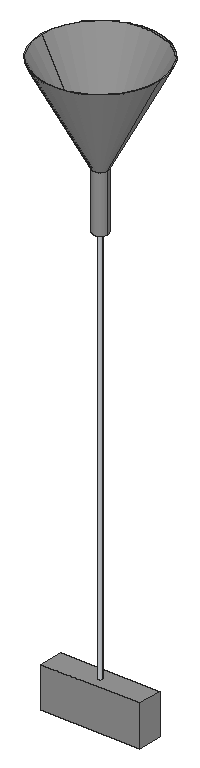
Revit family "Bell Pendant", category Lighting Fixtures, host Face, Revit 2022
Family settings
  Host = Face
  Round Connector Dimension = Use Diameter
  Part Type = Normal
  Cut with Voids When Loaded = Yes
  Light Source = Yes
  Maintain Annotation Orientation = No
  Shared = No
  Room Calculation Point = No
Parameters (values of type "Bell_10W_3000K_65°")
  Wattage Comments = "10W"
  Wattage = 3.23141 W
  built-in parameter 1150110 = 1 (stored number, unit not read)
  URL = "https://www.abovealllighting.com/Product/LED-INDOOR-FIXTURE/Track/BellPendantSeriesMagneticTrackLight.html"
  built-in parameter 1114217 = 1 (stored number, unit not read)
  Tilt Angle = 90.00°
  built-in parameter 1150109 = 1 (stored number, unit not read)
  built-in parameter 1150134 = (empty or 0)
  built-in parameter 1150113 = 1 (stored number, unit not read)
  Power Factor = "0.9"
  Photometric Web File = "Bell BEL10-3090-24V-65-MTM-BK.IES"
  Model = "BEL10-3090-24V-65-MTM-BK"
  Manufacturer = "Above All Lighting"  # constant formula
  built-in parameter 1150105 = 38.197 (stored number, unit not read)
  Lumens = 480 lm
  built-in parameter 1150115 = 1 (stored number, unit not read)
  Load Classification = Lighting
  built-in parameter 1150137 = (empty or 0)
  built-in parameter 1150139 = (empty or 0)
  built-in parameter 1150112 = 1 (stored number, unit not read)
  built-in parameter 1150114 = 1 (stored number, unit not read)
  Lamp = "LED"
  Input Voltage = "24V DC"
  built-in parameter 1150132 = 2
  built-in parameter 1150102 = (empty or 0)
  built-in parameter 1150107 = 3000 (stored number, unit not read)
  built-in parameter 1150138 = (empty or 0)
  built-in parameter 1150106 = 0.38197 (stored number, unit not read)
  built-in parameter 1150104 = 13.8 (stored number, unit not read)
  Dimming Lamp Color Temperature Shift = <None>
  Default Elevation = 0' - 0"
  Color Filter = 16777215
  Cable Length [instance] = 2' - 0"
  CRI = "90"
  Beam Angle = 65.00°
  built-in parameter 1114218 = 1 (stored number, unit not read)
  built-in parameter 1150133 = 10 (stored number, unit not read)
Types (2): name | Cable Length
  (no name) | 2' - 3 3/4"
  Bell_10W_3000K_65° | 2' - 0"
Reference planes (in)
  plane 1 "Center (Front/Back)": y = 0
  plane 2: z = 0
  plane 3 "Center (Left/Right)": x = 0
  plane 4: z = 24
Forms (in)
  Extrusion 1, solid, material "RAL 9004"
    sketch origin (0, 0, 0) x (1, 0, 0) y (0, 1, 0)
      loop
        line (2.7, 0.65) -> (-2.7, 0.65) -> (-2.7, -0.65) -> (2.7, -0.65) -> (2.7, 0.65)
    from 0 to 2.2
  Revolve 2, solid, material "RAL 9004"
    sketch origin (0, 0, 5.00075) x (1, 0, 0) y (0, 0, 1)
      loop
        line (-3.25, 27.5) -> (-0.38593, 22.11346) -> (-0.38593, 18.99925) -> (0, 18.99925) -> (0, 22.14504) -> (-0.35041, 22.14504) -> (-3.19769, 27.5) -> (-3.25, 27.5)
      axis (0, 27.5) -> (0, 18.99925)
    angle from 0 to 360
  Extrusion 3, solid
    sketch origin (0, 0, 0) x (1, 0, 0) y (0, 1, 0)
      loop
        circle (0, 0) r 0.11674
    from 2.2 to 24
Dimensions and locks (in)
  "Cable Length": plane 4 to host face
  aligned and locked: plane 2 to host face
  aligned and locked: level to host face
  aligned and locked: Extrusion 3 to Revolve 2
  aligned and locked: Extrusion 3 to Extrusion 1
  aligned and locked: imposter light to Revolve 2
  aligned and locked: plane 4 to Revolve 2
Automatic sketch dimensions
  host sketch curve to host sketch curve = 8' - 0"  (x2)
  Extrusion 1 sketch curve to plane 1 "Center (Front/Back)" = 0' - 0.65"
  Extrusion 1 sketch curve to plane 3 "Center (Left/Right)" = 0' - 2.7"
  plane 1 "Center (Front/Back)" to Extrusion 1 sketch curve = 0' - 0.65"
  plane 3 "Center (Left/Right)" to Extrusion 1 sketch curve = 0' - 2.7"
  Revolve 2 sketch curve to plane 4 = 0' - 0"
  Revolve 2 sketch curve to plane 3 "Center (Left/Right)" = 0' - 0"  (x2)
  Revolve 2 sketch curve to Revolve 2 sketch curve = 0' - 0.35041"
  Revolve 2 sketch curve to Revolve 2 sketch curve = 0' - 0.03552"
  Revolve 2 sketch curve to plane 3 "Center (Left/Right)" = 0' - 3.19769"
  Revolve 2 sketch curve to Revolve 2 sketch curve = 0' - 0.05231"
  plane 4 to Revolve 2 sketch curve = 0' - 3.11422"
  Revolve 2 sketch curve to Revolve 2 sketch curve = 0' - 0.03158"
  Revolve 2 sketch curve to Revolve 2 sketch curve = 0' - 5.35496"
  Revolve 2 sketch curve to level = 1' - 6.99925"
  Revolve 2 sketch curve to Revolve 2 sketch curve = 5' - 11.46882"
  plane 1 "Center (Front/Back)" to Extrusion 3 sketch curve = 0' - 0"
  Extrusion 3 sketch curve to plane 3 "Center (Left/Right)" = 0' - 0"
  radius of Extrusion 3 sketch curve = 0' - 0.11674"
